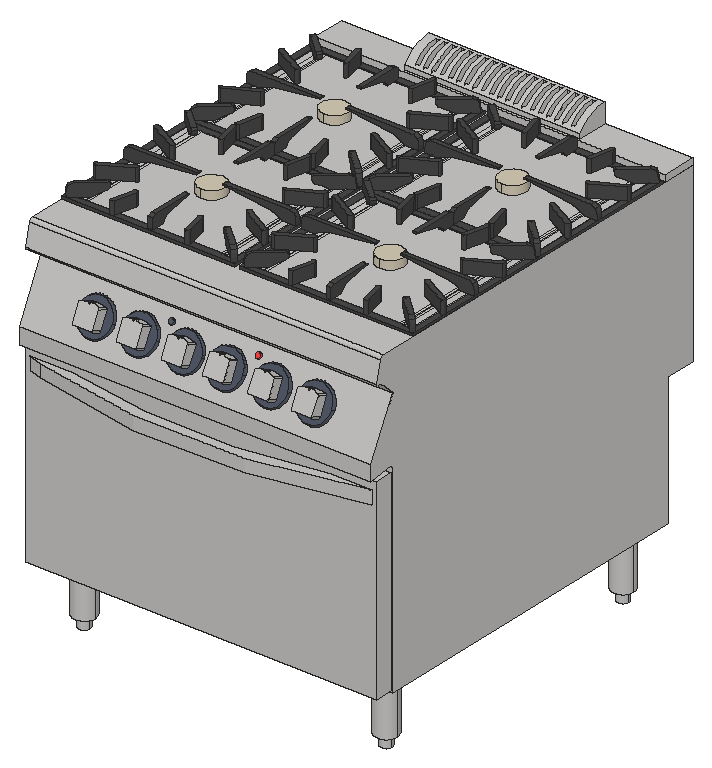
Revit family "QF_ZANUSSI_392010_Z9GCGH4SE0", category Specialty Equipment, Revit 2018 (continued)
Definition of nested family "QF_392010_BURNER"
  Automatic sketch dimensions
    curve 100 to curve 100 = 11.182 mm
    curve 101 to curve 101 = 4.872 mm
    curve 102 to plane 5 "FRONT" = 7.524 mm
    curve 101 to curve 102 = 4.872 mm
    curve 100 to curve 100 = 48.436 mm
    curve 103 to curve 103 = 1.125 mm
    curve 106 to curve 67 = 62.105 mm
    curve 107 to curve 107 = 4.872 mm
    plane 1 "BACK" to curve 104 = 55.96 mm
    curve 107 to curve 104 = 4.872 mm
    plane 1 "BACK" to curve 105 = 5.275 mm
    curve 107 to curve 105 = 11.182 mm
    curve 105 to curve 105 = 4.872 mm  (x2)
    curve 107 to curve 107 = 1.125 mm
    plane 1 "BACK" to curve 104 = 7.524 mm
    plane 1 "BACK" to curve 109 = 7.524 mm
    curve 62 to curve 109 = 41.179 mm
    curve 109 to curve 109 = 4.872 mm
    plane 1 "BACK" to curve 108 = 5.275 mm
    curve 109 to curve 108 = 4.872 mm
    curve 110 to curve 111 = 11.182 mm
    curve 110 to curve 111 = 4.872 mm
    plane 1 "BACK" to curve 108 = 53.711 mm
    curve 111 to curve 108 = 4.872 mm
    curve 111 to curve 108 = 2.25 mm
    radius of Extrusion 4 sketch curve = 30 mm
